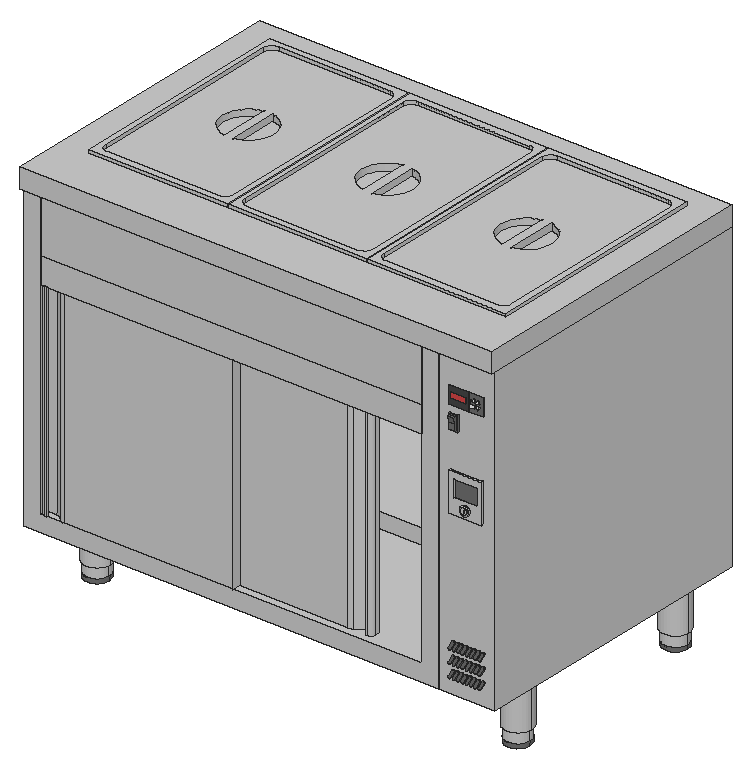
Revit family "QF_INOMAK_MDV711_250604124833", category Specialty Equipment, Revit 2021
Family settings
  Round Connector Dimension = Use Diameter
  Part Type = Normal
  OmniClass Number = 23.40.40.14
  OmniClass Title = Food Service Equipment
  Work Plane-Based = No
  Always vertical = Yes
  Cut with Voids When Loaded = No
  Shared = No
  Room Calculation Point = No
Parameters (values of type "MDV711")
  Weight [instance] = 49.0016 kg
  Waste Water Discharge Temperature [instance] = 0 °C
  Waste Remarks [instance] = ""
  Warranty Start Date [instance] = ""
  Warranty Duration [instance] = ""
  Volts [instance] = 230 V
  Volt Free Conn [instance] = no
  URL Recommended Spares List [instance] = ""
  URL Manufacturer [instance] = ""
  URL Cutsheet [instance] = ""
  URL Critical Spares List [instance] = ""
  URL = "www.inomak.com"
  Technical Documentation [instance] = ""
  Tag Number [instance] = ""
  Status [instance] = ""
  Start Up Current [instance] = 0 A
  Specification by User [instance] = ""
  Specification by Manufacturer [instance] = ""
  Sound Level [instance] = ""
  Show Logo [instance] = yes
  Show Clearances [instance] = yes
  Service Life Duration [instance] = ""
  Serial Number [instance] = ""
  Seismic Rating [instance] = ""
  SMACNA No [instance] = ""
  Revision Code [instance] = ""
  Revision [instance] = ""
  Production Year [instance] = ""
  Potential Equalisation [instance] = no
  Point Load [instance] = 0
  Plumbing Remarks [instance] = ""
  Plumbing Connection Type [instance] = ""
  Phase [instance] = 1
  Other Equipment Approvals [instance] = ""
  Operational Current [instance] = 0 A
  Odor Trap Included [instance] = no
  Number of Poles [instance] = 2
  No Load Power Draw [instance] = no
  National Water Regulation Certification [instance] = no
  NAFEM Spec ID Number [instance] = ""
  Model Warning [instance] = ""
  Model = "MDV711"
  Min Ckt Ampacity [instance] = 0 A
  Max Overcurrent Protection [instance] = 10 A
  Masterspec [instance] = ""
  Manufacturer = "INOMAK"
  Main switch integrated [instance] = no
  Length Actual [instance] = 1102.106 mm
  Item Number [instance] = ""
  Installed By [instance] = ""
  Installation Date [instance] = ""
  Indirect Waste Size [instance] = 25.4 mm
  Indirect Waste Remarks [instance] = ""
  Indirect Waste Flow [instance] = 0.0 L/s
  Indirect Waste Connection Type [instance] = ""
  Indirect Waste Connection Height [instance] = 0 mm
  Identify Quantity as Lot [instance] = no
  ID [instance] = ""
  Hygiene Approval [instance] = ""
  Height Actual [instance] = 899.922 mm
  HP power [instance] = ""
  Furnished By [instance] = ""
  Foodservice Equipment Identifier [instance] = no
  FL Amps [instance] = 8.7 A
  Electrical Remarks [instance] = ""
  Electric power [instance] = 2000 W
  Electric Connection Type [instance] = ""
  Elec Conn RI Height [instance] = 0 mm
  Elec Conn Connection Height [instance] = 0 mm
  ETL Approved [instance] = no
  Direct Waste Water Discharge Temperature [instance] = -273.15 °C
  Direct Waste Size [instance] = 25.4 mm
  Direct Waste RI Height [instance] = 0 mm
  Direct Waste Flow [instance] = 0.0 L/s
  Direct Waste Connection Height [instance] = 0 mm
  Description = "BAIN MARIE ON CUPBOARD WITH 2 GN PANS CAPACITY"
  Depth Actual [instance] = 700.024 mm
  Default Elevation = 0 mm
  Cycle [instance] = 50 Hz
  Cost = 0
  Connection to energy optimisation system [instance] = yes
  Conn Plug [instance] = ""
  Conn Conduit [instance] = no
  Cold Water Temperature Recommended [instance] = 0 °C
  Cold Water Size [instance] = 12.7 mm
  Cold Water Remarks [instance] = ""
  Cold Water RI Height [instance] = 0 mm
  Cold Water Quality [instance] = ""
  Cold Water Minimum Pressure [instance] = 200000.0 Pa
  Cold Water Maximum Pressure [instance] = 600000.0 Pa
  Cold Water Flow [instance] = 0.0 L/s
  Cold Water Connection Type [instance] = ""
  Cold Water Connection Height [instance] = 0 mm
  Centralized building control system with digital interface [instance] = ""
  CSI MasterFormat [instance] = ""
  CE Approved [instance] = no
  Barcode [instance] = 0
  Author [instance] = ""
  Asset Identifier [instance] = ""
  Apparent Power [instance] = 2000 VA
  Accessory [instance] = no
Reference planes
  plane 1 "Center (Front/Back)": y = 0
  plane 2: z = 0
  plane 3 "Center (Left/Right)": x = 0
Forms (mm)
  Extrusion 1, solid, not visible
    sketch origin (110.005, -510.025, 146.007) x (1, 0, 0) y (0, 1, 0)
      loop
        line (-2, 2) -> (-2, -2) -> (2, -2) -> (2, 2) -> (-2, 2)
    from -2 to 2
  Extrusion 2, solid, not visible
    sketch origin (110.005, -510.025, 146.007) x (1, 0, 0) y (0, 1, 0)
      loop
        line (-2, 2) -> (-2, -2) -> (2, -2) -> (2, 2) -> (-2, 2)
    from -2 to 2
  Extrusion 3, solid, not visible
    sketch origin (1055.051, -635.031, 146.007) x (1, 0, 0) y (0, 1, 0)
      loop
        line (-2, 2) -> (-2, -2) -> (2, -2) -> (2, 2) -> (-2, 2)
    from -2 to 2
Dimensions and locks
  locked: nested 2 to Extrusion 1 at 2  (x2)
  locked: nested 3 to Extrusion 2 at 2  (x2)
  locked: nested 4 to Extrusion 3 at 2  (x2)
  aligned and locked: level to plane 2
Nested families
  nested 1: "QF_INOMAK_CUPBOARD_BAIN_MARIES_1105_2920" at (0, 0, 144), type "MDV711"
    with Weight 49.0016 kg, Warranty Start Date "", Warranty Duration "", URL Cutsheet "", Technical Documentation "", Tag Number "", Status "", Specification by User "", Specification by Manufacturer "", Sound Level "", Solid Fuel Type "", Show Logo yes, Show Clearances yes, Service Life Duration "", Serial Number "", Seismic Rating "", SMACNA No "", Revision Code "", Revision "", Production Year "", Point Load 0, Other Equipment Approvals "", NAFEM Spec ID Number "", Model Warning "", Masterspec "", Length Actual 1102.106 mm, Item Number "", Installed By "", Installation Date "", Identify Quantity as Lot yes, ID "", Hygiene Approval "", Height Actual 899.922 mm, Furnished By "", Foodservice Equipment Identifier yes, ETL Approved yes, Depth Actual 700.024 mm, CSI MasterFormat "", CE Approved yes, Barcode "", Author "", Asset Identifier "", Accessory no
  nested 2: "CONN_POINT_COLDWATER_2D___Generic_Annotation" at (110.005, -510.025, 144.007), type "CONN_POINT_COLDWATER_2D___Generic_Annotation"
    with Onboard connection annotation symbol visibility yes
  nested 3: "CONN_POINT_DRAIN_2D___Generic_Annotation" at (110.005, -510.025, 144.007), type "CONN_POINT_DRAIN_2D___Generic_Annotation"
    with Onboard connection annotation symbol visibility yes
  nested 4: "CONN_POINT_ELE_2D___Generic_Annotation" at (1055.051, -635.031, 144.007), type "CONN_POINT_ELE_2D___Generic_Annotation"
    with Onboard connection annotation symbol visibility yes
  nested 5: "QF_INOMAK_LEGS_4995" at (0, 0, 0), type "LG-1105-700"
    with Weight 0.00 kg, Warranty Start Date "", Warranty Duration "", URL Cutsheet "", Technical Documentation "", Tag Number "", Status "", Specification by User "", Specification by Manufacturer "", Sound Level "", Solid Fuel Type "", Show Logo yes, Show Clearances yes, Service Life Duration "", Serial Number "", Seismic Rating "", SMACNA No "", Revision Code "", Revision "", Production Year "", Point Load 0, Other Equipment Approvals "", NAFEM Spec ID Number "", Model Warning "", Masterspec "", Length Actual 1102.868 mm, Item Number "", Installed By "", Installation Date "", Identify Quantity as Lot yes, ID "", Hygiene Approval "", Height Actual 144.018 mm, Furnished By "", Foodservice Equipment Identifier yes, ETL Approved yes, Depth Actual 700.024 mm, CSI MasterFormat "", CE Approved yes, Barcode "", Author "", Asset Identifier "", Accessory yes
Connectors
  piping at (110.005, -510.025, 144.007), diameter 12.7, driven by "Cold Water Size", driven by "Cold Water Flow"
    settings: on Extrusion 1, index 1, connector inside diameter 609.6 mm, connector length 0 mm, flow factor 0, pipe flow 0.0 L/s, pressure drop 0.0 Pa, fitting loss kfactor 0, connector angle 0.00°, fixture units 0, engagement length 0 mm, angle of deflection 0.00°, flow configuration 1, flow direction 1, fitting loss method 0, system type 20, joint type 0, gender type 0, connector reference index -1, connector utility 0, adjustable connector no, is connector primary yes, connector description "Cold Water connection for MDV711"
  piping at (110.005, -510.025, 144.007), diameter 25.4, driven by "Indirect Waste Size", driven by "Direct Waste Flow"
    settings: on Extrusion 2, index 2, connector inside diameter 609.6 mm, connector length 0 mm, flow factor 0, pipe flow 0.0 L/s, pressure drop 0.0 Pa, fitting loss kfactor 0, connector angle 0.00°, fixture units 0, engagement length 0 mm, angle of deflection 0.00°, flow configuration 1, flow direction 2, fitting loss method 0, system type 16, joint type 0, gender type 0, connector reference index -1, connector utility 0, adjustable connector no, is connector primary no, connector description "Waste connection for MDV711"
  electrical at (1055.051, -635.031, 144.007), driven by "Apparent Power", driven by "Number of Poles", driven by "Volts"
    settings: on Extrusion 3, index 3, voltage 230 V, apparent load 0 VA, apparent load phase1 2000 VA, apparent load phase2 0 VA, apparent load phase3 0 VA, power factor 1, load classification "Other", number of poles 2, system type 31, power factor state 1, is connector primary yes, connector utility no, sub classification motor no, connector description "Electrical connection for MDV711"
Definition of nested family "QF_INOMAK_CUPBOARD_BAIN_MARIES_1105_2920"
  Parameters (values of type "MFV711")
    Weight [instance] = 0.00 kg
    Warranty Start Date [instance] = ""
    Warranty Duration [instance] = ""
    URL Cutsheet [instance] = ""
    URL = "www.inomak.com"
    Technical Documentation [instance] = ""
    Tag Number [instance] = ""
    Status [instance] = ""
    Specification by User [instance] = ""
    Specification by Manufacturer [instance] = ""
    Sound Level [instance] = ""
    Solid Fuel Type [instance] = ""
    Show Logo [instance] = yes
    Show Clearances [instance] = yes
    Service Life Duration [instance] = ""
    Serial Number [instance] = ""
    Seismic Rating [instance] = ""
    SMACNA No [instance] = ""
    Revision Code [instance] = ""
    Revision [instance] = ""
    Production Year [instance] = ""
    Point Load [instance] = 0
    Other Equipment Approvals [instance] = ""
    NAFEM Spec ID Number [instance] = ""
    Model Warning [instance] = ""
    Model = "MFV711"
    Masterspec [instance] = ""
    Manufacturer = "INOMAK"
    Length Actual [instance] = 0 mm
    Item Number [instance] = ""
    Installed By [instance] = ""
    Installation Date [instance] = ""
    Identify Quantity as Lot [instance] = yes
    ID [instance] = ""
    Hygiene Approval [instance] = ""
    Height Actual [instance] = 0 mm
    Furnished By [instance] = ""
    Foodservice Equipment Identifier [instance] = yes
    ETL Approved [instance] = yes
    Description = "BAIN MARIE ON CUPBOARD WITH 2 GN PANS CAPACITY AND SHOWCASE"
    Depth Actual [instance] = 0 mm
    Default Elevation = 0 mm
    CSI MasterFormat [instance] = ""
    CE Approved [instance] = yes
    Barcode [instance] = ""
    Author [instance] = ""
    Asset Identifier [instance] = ""
    Assembly Code = "E1090320"
    Accessory [instance] = yes
  Types (10, lengths in mm): name | Model | Description
    MFV711 | "MFV711" | "BAIN MARIE ON CUPBOARD WITH 2 GN PANS CAPACITY AND SHOWCASE"
    MVV711 | "MVV711" | "BAIN MARIE ON CUPBOARD WITH 2 GN PANS CAPACITY AND SINGLE SNEEZE GUARD"
    MFSQ711 | "MFSQ711" | "BAIN MARIE ON CUPBOARD WITH 2 GN PANS CAPACITY AND SQUARE SHOWCASE"
    MHV711 | "MHV711" | "BAIN MARIE ON HEATED CUPBOARD WITH 2 GN PANS CAPACITY"
    MDV711 | "MDV711" | "BAIN MARIE ON CUPBOARD WITH 2 GN PANS CAPACITY"
    MRV711 | "MRV711" | "BAIN MARIE ON CUPBOARD WITH 2 GN PANS CAPACITY AND DOUBLE SNEEZE GUARD"
    MIV711 | "MIV711" | "BAIN MARIE ON HEATED CUPBOARD WITH 2 GN PANS CAPACITY AND SHOWCASE"
    MJV711 | "MJV711" | "BAIN MARIE ON HEATED CUPBOARD WITH 2 GN PANS CAPACITY AND SINGLE SNEEZE GUARD"
    MQV711 | "MQV711" | "BAIN MARIE ON HEATED CUPBOARD WITH 2 GN PANS CAPACITY AND DOUBLE SNEEZE GUARD"
    MISQ711 | "MISQ711" | "BAIN MARIE ON HEATED CUPBOARD WITH 2 GN PANS CAPACITY AND SQUARE SHOWCASE"
  Reference planes
    plane 1 "Back": y = 0
    plane 2: z = 0
    plane 3 "Left": x = 0
    plane 4 "Right": x = 1102
    plane 5 "Front": y = -700
    plane 6 "Top": z = 756
  Forms (mm)
    Extrusion 1, solid
      sketch origin (479.783, -707, -123.631) x (-1, 0, 0) y (0, 0, 1)
        loop
          arc (-522.253, 235.165) -> (-526.351, 236.263) -> (-527.449, 232.165) r 3
          line (-527.449, 232.165) -> (-518.449, 216.577)
          arc (-518.449, 216.577) -> (-514.351, 215.479) -> (-513.253, 219.577) r 3
          line (-513.253, 219.577) -> (-522.253, 235.165)
        loop
          arc (-532.253, 235.165) -> (-536.351, 236.263) -> (-537.449, 232.165) r 3
          line (-537.449, 232.165) -> (-528.449, 216.577)
          arc (-528.449, 216.577) -> (-524.351, 215.479) -> (-523.253, 219.577) r 3
          line (-523.253, 219.577) -> (-532.253, 235.165)
        loop
          arc (-542.253, 235.165) -> (-546.351, 236.263) -> (-547.449, 232.165) r 3
          line (-547.449, 232.165) -> (-538.449, 216.577)
          arc (-538.449, 216.577) -> (-534.351, 215.479) -> (-533.253, 219.577) r 3
          line (-533.253, 219.577) -> (-542.253, 235.165)
        loop
          arc (-552.253, 235.165) -> (-556.351, 236.263) -> (-557.449, 232.165) r 3
          line (-557.449, 232.165) -> (-548.449, 216.577)
          arc (-548.449, 216.577) -> (-544.351, 215.479) -> (-543.253, 219.577) r 3
          line (-543.253, 219.577) -> (-552.253, 235.165)
        loop
          arc (-562.253, 235.165) -> (-566.351, 236.263) -> (-567.449, 232.165) r 3
          line (-567.449, 232.165) -> (-558.449, 216.577)
          arc (-558.449, 216.577) -> (-554.351, 215.479) -> (-553.253, 219.577) r 3
          line (-553.253, 219.577) -> (-562.253, 235.165)
        loop
          arc (-572.253, 235.165) -> (-576.351, 236.263) -> (-577.449, 232.165) r 3
          line (-577.449, 232.165) -> (-568.449, 216.577)
          arc (-568.449, 216.577) -> (-564.351, 215.479) -> (-563.253, 219.577) r 3
          line (-563.253, 219.577) -> (-572.253, 235.165)
        loop
          arc (-582.253, 235.165) -> (-586.351, 236.263) -> (-587.449, 232.165) r 3
          line (-587.449, 232.165) -> (-578.449, 216.577)
          arc (-578.449, 216.577) -> (-574.351, 215.479) -> (-573.253, 219.577) r 3
          line (-573.253, 219.577) -> (-582.253, 235.165)
        loop
          arc (-592.253, 235.165) -> (-596.351, 236.263) -> (-597.449, 232.165) r 3
          line (-597.449, 232.165) -> (-588.449, 216.577)
          arc (-588.449, 216.577) -> (-584.351, 215.479) -> (-583.253, 219.577) r 3
          line (-583.253, 219.577) -> (-592.253, 235.165)
        loop
          arc (-522.253, 205.165) -> (-526.351, 206.263) -> (-527.449, 202.165) r 3
          line (-527.449, 202.165) -> (-518.449, 186.577)
          arc (-518.449, 186.577) -> (-514.351, 185.479) -> (-513.253, 189.577) r 3
          line (-513.253, 189.577) -> (-522.253, 205.165)
        loop
          arc (-532.253, 205.165) -> (-536.351, 206.263) -> (-537.449, 202.165) r 3
          line (-537.449, 202.165) -> (-528.449, 186.577)
          arc (-528.449, 186.577) -> (-524.351, 185.479) -> (-523.253, 189.577) r 3
          line (-523.253, 189.577) -> (-532.253, 205.165)
        loop
          arc (-542.253, 205.165) -> (-546.351, 206.263) -> (-547.449, 202.165) r 3
          line (-547.449, 202.165) -> (-538.449, 186.577)
          arc (-538.449, 186.577) -> (-534.351, 185.479) -> (-533.253, 189.577) r 3
          line (-533.253, 189.577) -> (-542.253, 205.165)
        loop
          arc (-552.253, 205.165) -> (-556.351, 206.263) -> (-557.449, 202.165) r 3
          line (-557.449, 202.165) -> (-548.449, 186.577)
          arc (-548.449, 186.577) -> (-544.351, 185.479) -> (-543.253, 189.577) r 3
          line (-543.253, 189.577) -> (-552.253, 205.165)
        loop
          arc (-562.253, 205.165) -> (-566.351, 206.263) -> (-567.449, 202.165) r 3
          line (-567.449, 202.165) -> (-558.449, 186.577)
          arc (-558.449, 186.577) -> (-554.351, 185.479) -> (-553.253, 189.577) r 3
          line (-553.253, 189.577) -> (-562.253, 205.165)
        loop
          arc (-572.253, 205.165) -> (-576.351, 206.263) -> (-577.449, 202.165) r 3
          line (-577.449, 202.165) -> (-568.449, 186.577)
          arc (-568.449, 186.577) -> (-564.351, 185.479) -> (-563.253, 189.577) r 3
          line (-563.253, 189.577) -> (-572.253, 205.165)
        loop
          arc (-582.253, 205.165) -> (-586.351, 206.263) -> (-587.449, 202.165) r 3
          line (-587.449, 202.165) -> (-578.449, 186.577)
          arc (-578.449, 186.577) -> (-574.351, 185.479) -> (-573.253, 189.577) r 3
          line (-573.253, 189.577) -> (-582.253, 205.165)
        loop
          arc (-592.253, 205.165) -> (-596.351, 206.263) -> (-597.449, 202.165) r 3
          line (-597.449, 202.165) -> (-588.449, 186.577)
          arc (-588.449, 186.577) -> (-584.351, 185.479) -> (-583.253, 189.577) r 3
          line (-583.253, 189.577) -> (-592.253, 205.165)
        loop
          arc (-522.253, 175.165) -> (-526.351, 176.263) -> (-527.449, 172.165) r 3
          line (-527.449, 172.165) -> (-518.449, 156.577)
          arc (-518.449, 156.577) -> (-514.351, 155.479) -> (-513.253, 159.577) r 3
          line (-513.253, 159.577) -> (-522.253, 175.165)
        loop
          arc (-532.253, 175.165) -> (-536.351, 176.263) -> (-537.449, 172.165) r 3
          line (-537.449, 172.165) -> (-528.449, 156.577)
          arc (-528.449, 156.577) -> (-524.351, 155.479) -> (-523.253, 159.577) r 3
          line (-523.253, 159.577) -> (-532.253, 175.165)
        loop
          arc (-542.253, 175.165) -> (-546.351, 176.263) -> (-547.449, 172.165) r 3
          line (-547.449, 172.165) -> (-538.449, 156.577)
          arc (-538.449, 156.577) -> (-534.351, 155.479) -> (-533.253, 159.577) r 3
          line (-533.253, 159.577) -> (-542.253, 175.165)
        loop
          arc (-552.253, 175.165) -> (-556.351, 176.263) -> (-557.449, 172.165) r 3
          line (-557.449, 172.165) -> (-548.449, 156.577)
          arc (-548.449, 156.577) -> (-544.351, 155.479) -> (-543.253, 159.577) r 3
          line (-543.253, 159.577) -> (-552.253, 175.165)
        loop
          arc (-562.253, 175.165) -> (-566.351, 176.263) -> (-567.449, 172.165) r 3
          line (-567.449, 172.165) -> (-558.449, 156.577)
          arc (-558.449, 156.577) -> (-554.351, 155.479) -> (-553.253, 159.577) r 3
          line (-553.253, 159.577) -> (-562.253, 175.165)
        loop
          arc (-572.253, 175.165) -> (-576.351, 176.263) -> (-577.449, 172.165) r 3
          line (-577.449, 172.165) -> (-568.449, 156.577)
          arc (-568.449, 156.577) -> (-564.351, 155.479) -> (-563.253, 159.577) r 3
          line (-563.253, 159.577) -> (-572.253, 175.165)
        loop
          arc (-582.253, 175.165) -> (-586.351, 176.263) -> (-587.449, 172.165) r 3
          line (-587.449, 172.165) -> (-578.449, 156.577)
          arc (-578.449, 156.577) -> (-574.351, 155.479) -> (-573.253, 159.577) r 3
          line (-573.253, 159.577) -> (-582.253, 175.165)
        loop
          arc (-592.253, 175.165) -> (-596.351, 176.263) -> (-597.449, 172.165) r 3
          line (-597.449, 172.165) -> (-588.449, 156.577)
          arc (-588.449, 156.577) -> (-584.351, 155.479) -> (-583.253, 159.577) r 3
          line (-583.253, 159.577) -> (-592.253, 175.165)
      from 16.5 to 18.5
    Extrusion 2, solid
      sketch origin (787.766, -692, 538.514) x (-1, 0, 0) y (0, 0, 1)
        loop
          line (-208.234, 108.408) -> (-253.234, 108.408) -> (-253.234, 68.408) -> (-208.234, 68.408) -> (-208.234, 108.408)
      from 0 to 2
    Extrusion 3, solid
      sketch origin (66, -693, 539.422) x (-1, 0, 0) y (0, 0, 1)
        loop
          line (-950, 15) -> (-930, 15) -> (-930, 50) -> (-950, 50) -> (-950, 15)
      from 0 to 3
    Extrusion 4, solid
      sketch origin (94, -568, 539.422) x (0, 1, 0) y (0, 0, 1)
        loop
          line (-125, 18) -> (-125, 47)
          arc (-125, 47) -> (-127.961, 46.812) -> (-130.754, 45.81) r 10.576
          line (-130.754, 45.81) -> (-128, 32.5) -> (-128, 18) -> (-125, 18)
      from 905 to 919
    Extrusion 5, solid
      sketch origin (832.766, -692, 538.514) x (-1, 0, 0) y (0, 0, 1)
        loop
          line (-208.234, 108.408) -> (-243.234, 108.408) -> (-243.234, 68.408) -> (-208.234, 68.408) -> (-208.234, 108.408)
      from 0 to 2
    Extrusion 6, solid
      sketch origin (787.766, -692.5, 538.514) x (-1, 0, 0) y (0, 0, 1)
        loop
          line (-213.234, 94.908) -> (-248.234, 94.908) -> (-248.234, 81.908) -> (-213.234, 81.908) -> (-213.234, 94.908)
      from 0 to 2.5
    Extrusion 7, solid
      sketch origin (787.766, -692.5, 538.514) x (-1, 0, 0) y (0, 0, 1)
        loop
          line (-271.558, 91.171) -> (-275.802, 98.522) -> (-280.047, 91.171) -> (-271.558, 91.171)
        loop
          line (-271.558, 85.645) -> (-280.047, 85.645) -> (-275.802, 78.294) -> (-271.558, 85.645)
        loop
          line (-257.397, 85.645) -> (-267.397, 85.645) -> (-267.397, 78.294) -> (-257.397, 78.294) -> (-257.397, 85.645)
        loop
          line (-265.397, 98.522) -> (-267.397, 98.522) -> (-267.397, 92.322) -> (-259.549, 92.322) -> (-259.549, 91.171) -> (-257.397, 93.322) -> (-259.549, 95.474) -> (-259.549, 94.322) -> (-265.397, 94.322) -> (-265.397, 98.522)
      from 0 to 2.5
    Extrusion 8, solid
      sketch origin (8.5, 0, 492) x (1, 0, 0) y (0, 1, 0)
        loop
          line (55, -50) -> (55, -580) -> (380, -580) -> (380, -50) -> (55, -50)
        loop
          arc (87.5, -65) -> (73.358, -70.858) -> (67.5, -85) r 20
          line (67.5, -85) -> (67.5, -545.415)
          arc (67.5, -545.415) -> (73.358, -559.557) -> (87.5, -565.415) r 20
          line (87.5, -565.415) -> (347.5, -565.415)
          arc (347.5, -565.415) -> (361.642, -559.557) -> (367.5, -545.415) r 20
          line (367.5, -545.415) -> (367.5, -85)
          arc (367.5, -85) -> (361.642, -70.858) -> (347.5, -65) r 20
          line (347.5, -65) -> (87.5, -65)
      from 218 to 270
    Extrusion 9, solid
      sketch origin (8.5, 0, 485) x (1, 0, 0) y (0, 1, 0)
        loop
          arc (67.5, -545.415) -> (73.358, -559.557) -> (87.5, -565.415) r 20
          line (87.5, -565.415) -> (347.5, -565.415)
          arc (347.5, -565.415) -> (361.642, -559.557) -> (367.5, -545.415) r 20
          line (367.5, -545.415) -> (367.5, -85)
          arc (367.5, -85) -> (361.642, -70.858) -> (347.5, -65) r 20
          line (347.5, -65) -> (87.5, -65)
          arc (87.5, -65) -> (73.358, -70.858) -> (67.5, -85) r 20
          line (67.5, -85) -> (67.5, -545.415)
      from 225 to 270
    Extrusion 10, void
      sketch origin (8.5, 0, 500) x (1, 0, 0) y (0, 1, 0)
        loop
          arc (207.5, -256.046) -> (157.5, -315.207) -> (207.5, -374.368) r 60
          line (207.5, -374.368) -> (207.5, -256.046)
        loop
          line (227.5, -256.046) -> (227.5, -374.368)
          arc (227.5, -374.368) -> (277.5, -315.207) -> (227.5, -256.046) r 60
      from 240 to 270
    Extrusion 11, solid
      sketch origin (333.5, 0, 492) x (1, 0, 0) y (0, 1, 0)
        loop
          line (55, -50) -> (55, -580) -> (380, -580) -> (380, -50) -> (55, -50)
        loop
          arc (87.5, -65) -> (73.358, -70.858) -> (67.5, -85) r 20
          line (67.5, -85) -> (67.5, -545.415)
          arc (67.5, -545.415) -> (73.358, -559.557) -> (87.5, -565.415) r 20
          line (87.5, -565.415) -> (347.5, -565.415)
          arc (347.5, -565.415) -> (361.642, -559.557) -> (367.5, -545.415) r 20
          line (367.5, -545.415) -> (367.5, -85)
          arc (367.5, -85) -> (361.642, -70.858) -> (347.5, -65) r 20
          line (347.5, -65) -> (87.5, -65)
      from 218 to 270
    Extrusion 12, solid
      sketch origin (333.5, 0, 485) x (1, 0, 0) y (0, 1, 0)
        loop
          arc (67.5, -545.415) -> (73.358, -559.557) -> (87.5, -565.415) r 20
          line (87.5, -565.415) -> (347.5, -565.415)
          arc (347.5, -565.415) -> (361.642, -559.557) -> (367.5, -545.415) r 20
          line (367.5, -545.415) -> (367.5, -85)
          arc (367.5, -85) -> (361.642, -70.858) -> (347.5, -65) r 20
          line (347.5, -65) -> (87.5, -65)
          arc (87.5, -65) -> (73.358, -70.858) -> (67.5, -85) r 20
          line (67.5, -85) -> (67.5, -545.415)
      from 225 to 270
    Extrusion 13, void
      sketch origin (333.5, 0, 500) x (1, 0, 0) y (0, 1, 0)
        loop
          arc (207.5, -256.046) -> (157.5, -315.207) -> (207.5, -374.368) r 60
          line (207.5, -374.368) -> (207.5, -256.046)
        loop
          line (227.5, -256.046) -> (227.5, -374.368)
          arc (227.5, -374.368) -> (277.5, -315.207) -> (227.5, -256.046) r 60
      from 240 to 270
    Extrusion 14, solid
      sketch origin (658.5, 0, 492) x (1, 0, 0) y (0, 1, 0)
        loop
          line (55, -50) -> (55, -580) -> (380, -580) -> (380, -50) -> (55, -50)
        loop
          arc (87.5, -65) -> (73.358, -70.858) -> (67.5, -85) r 20
          line (67.5, -85) -> (67.5, -545.415)
          arc (67.5, -545.415) -> (73.358, -559.557) -> (87.5, -565.415) r 20
          line (87.5, -565.415) -> (347.5, -565.415)
          arc (347.5, -565.415) -> (361.642, -559.557) -> (367.5, -545.415) r 20
          line (367.5, -545.415) -> (367.5, -85)
          arc (367.5, -85) -> (361.642, -70.858) -> (347.5, -65) r 20
          line (347.5, -65) -> (87.5, -65)
      from 218 to 270
    Extrusion 15, solid
      sketch origin (658.5, 0, 485) x (1, 0, 0) y (0, 1, 0)
        loop
          arc (67.5, -545.415) -> (73.358, -559.557) -> (87.5, -565.415) r 20
          line (87.5, -565.415) -> (347.5, -565.415)
          arc (347.5, -565.415) -> (361.642, -559.557) -> (367.5, -545.415) r 20
          line (367.5, -545.415) -> (367.5, -85)
          arc (367.5, -85) -> (361.642, -70.858) -> (347.5, -65) r 20
          line (347.5, -65) -> (87.5, -65)
          arc (87.5, -65) -> (73.358, -70.858) -> (67.5, -85) r 20
          line (67.5, -85) -> (67.5, -545.415)
      from 225 to 270
    Extrusion 16, void
      sketch origin (658.5, 0, 500) x (1, 0, 0) y (0, 1, 0)
        loop
          arc (207.5, -256.046) -> (157.5, -315.207) -> (207.5, -374.368) r 60
          line (207.5, -374.368) -> (207.5, -256.046)
        loop
          line (227.5, -256.046) -> (227.5, -374.368)
          arc (227.5, -374.368) -> (277.5, -315.207) -> (227.5, -256.046) r 60
      from 240 to 270
    Extrusion 17, solid
      sketch origin (0, 0, 710) x (1, 0, 0) y (0, 1, 0)
        loop
          line (0, 0) -> (0, -700) -> (1102, -700) -> (1102, 0) -> (0, 0)
        loop
          line (63.5, -50) -> (63.5, -580) -> (1038.5, -580) -> (1038.5, -50) -> (63.5, -50)
      from 0 to 46
    Extrusion 18, solid
      sketch origin (0, 0, 0) x (1, 0, 0) y (0, 1, 0)
        loop
          line (0, -690) -> (40, -690) -> (40, -40) -> (930, -40) -> (930, -690) -> (970, -690) -> (970, 0) -> (0, 0) -> (0, -690)
      from 0 to 710
    Extrusion 19, solid
      sketch origin (-1.5, 0, 0) x (1, 0, 0) y (0, 1, 0)
        loop
          line (971.5, 0) -> (971.5, -690) -> (1103.5, -690) -> (1103.5, 0) -> (971.5, 0)
      from 0 to 710
    Extrusion 20, solid
      sketch origin (-130, -690, 0) x (-1, 0, 0) y (0, 1, 0)
        loop
          line (-170, 10) -> (-170, 20) -> (-620, 20) -> (-620, 0) -> (-226.156, 0)
          arc (-226.156, 0) -> (-220.272, 0.885) -> (-214.91, 3.461) r 20
          line (-214.91, 3.461) -> (-195, 17) -> (-173, 17) -> (-173, 10)
          arc (-173, 10) -> (-175.05, 5.05) -> (-180, 3) r 7
          line (-180, 3) -> (-185.012, 3) -> (-185.012, 0) -> (-180, 0)
          arc (-180, 0) -> (-172.929, 2.929) -> (-170, 10) r 10
      from -40 to -520
    Extrusion 21, solid
      sketch origin (-131.5, -690, 0) x (-1, 0, 0) y (0, 1, 0)
        loop
          arc (-930, 30) -> (-927.071, 22.929) -> (-920, 20) r 10
          line (-920, 20) -> (-914.988, 20) -> (-914.988, 23) -> (-920, 23)
          arc (-920, 23) -> (-924.95, 25.05) -> (-927, 30) r 7
          line (-927, 30) -> (-927, 37) -> (-905, 37) -> (-885.09, 23.461)
          arc (-885.09, 23.461) -> (-879.728, 20.885) -> (-873.844, 20) r 20
          line (-873.844, 20) -> (-480, 20) -> (-480, 40) -> (-930, 40) -> (-930, 30)
      from -40 to -520
    Extrusion 22, solid
      sketch origin (0, 0, 0) x (1, 0, 0) y (0, 1, 0)
        loop
          line (40, -40) -> (40, -690) -> (930, -690) -> (930, -40) -> (40, -40)
      from 0 to 40
    Extrusion 23, solid
      sketch origin (0.5, 0, 672.314) x (1, 0, 0) y (0, 1, 0)
        loop
          line (39.5, -40) -> (39.5, -690) -> (929.5, -690) -> (929.5, -40) -> (39.5, -40)
      from -92.314 to 37.686
    Extrusion 24, solid
      sketch origin (0, 0, 610.314) x (1, 0, 0) y (0, 1, 0)
        loop
          line (40, -40) -> (40, -690) -> (930, -690) -> (930, -40) -> (40, -40)
      from -90.314 to -30.314
    Extrusion 25, solid
      sketch origin (-1.5, 0, 255) x (1, 0, 0) y (0, 1, 0)
        loop
          line (41.5, -40) -> (41.5, -645) -> (931.5, -645) -> (931.5, -40) -> (41.5, -40)
      from 0 to 35
    Extrusion 26, solid
      sketch origin (5.502, -695, 50) x (-1, 0, 0) y (0, 0, 1)
        loop
          line (-992.998, 421.076) -> (-1067.998, 421.076) -> (-1067.998, 331.076) -> (-992.998, 331.076) -> (-992.998, 421.076)
        loop
          line (-1003.957, 406.276) -> (-1058.957, 406.276) -> (-1058.957, 366.276) -> (-1003.957, 366.276) -> (-1003.957, 406.276)
      from 0 to 5
    Extrusion 27, solid
      sketch origin (5.502, -692, 50) x (-1, 0, 0) y (0, 0, 1)
        loop
          line (-1003.957, 406.276) -> (-1058.957, 406.276) -> (-1058.957, 366.276) -> (-1003.957, 366.276) -> (-1003.957, 406.276)
      from 0 to 2
    Revolve 28, solid
      sketch origin (1036, 59.612, -3292.415) x (0, 1, 0) y (0, 0, 1)
        loop
          line (-757.012, 3691.152) -> (-754.612, 3691.152) -> (-754.612, 3701.789) -> (-757.662, 3701.789) -> (-759.012, 3699.998) -> (-757.012, 3699.998) -> (-757.012, 3691.152)
        axis (-754.612, 3691.152) -> (-759.012, 3691.152)
      angle from 0 to 360
    Extrusion 29, solid
      sketch origin (-1055.627, -695, 2689.585) x (-1, 0, 0) y (0, 0, 1)
        loop
          line (-2090.827, -2287.348) -> (-2092.827, -2287.348) -> (-2092.827, -2294.348) -> (-2090.827, -2294.348) -> (-2090.827, -2287.348)
        loop
          circle (-2091.627, -2290.848) r 7.846
      from -4.4 to -2.4
  Cuts and joins
    Extrusion 10, Extrusion 13 cuts Extrusion 9
    Extrusion 13, Extrusion 16 cuts Extrusion 12
    Extrusion 16 cuts Extrusion 15
    joined: Extrusion 18, Extrusion 22
  Lines and regions (mm)
    symbolic lines
      curve 1: line (0, 0, 0) -> (1102, 0, 0)
      curve 2: line (0, -700, 0) -> (0, 0, 0)
      curve 3: line (1102, -700, 0) -> (0, -700, 0)
      curve 4: line (1102, 0, 0) -> (1102, -700, 0)
      curve 5: line (63.5, -50, 0) -> (1038.5, -50, 0)
      curve 6: line (63.5, -580, 0) -> (63.5, -50, 0)
      curve 7: line (1038.5, -580, 0) -> (63.5, -580, 0)
      curve 8: line (713.5, -50, 0) -> (713.5, -580, 0)
      curve 9: line (388.5, -50, 0) -> (388.5, -580, 0)
      curve 10: line (1038.5, -50, 0) -> (1038.5, -580, 0)
      curve 11: line (96, -65, 0) -> (356, -65, 0)
      curve 12: arc (76, -85, 0) -> (81.858, -70.858, 0) -> (96, -65, 0) r 20
      curve 13: line (76, -545.415, 0) -> (76, -85, 0)
      curve 14: arc (96, -565.415, 0) -> (81.858, -559.557, 0) -> (76, -545.415, 0) r 20
      curve 15: line (356, -565.415, 0) -> (96, -565.415, 0)
      curve 16: arc (376, -545.415, 0) -> (370.142, -559.557, 0) -> (356, -565.415, 0) r 20
      curve 17: line (376, -85, 0) -> (376, -545.415, 0)
      curve 18: arc (356, -65, 0) -> (370.142, -70.858, 0) -> (376, -85, 0) r 20
      curve 19: arc (216, -256.046, 0) -> (166, -315.207, 0) -> (216, -374.368, 0) r 60
      curve 20: line (216, -374.368, 0) -> (216, -256.046, 0)
      curve 21: line (236, -256.046, 0) -> (236, -374.368, 0)
      curve 22: arc (236, -374.368, 0) -> (286, -315.207, 0) -> (236, -256.046, 0) r 60
      curve 23: arc (401, -85, 0) -> (406.858, -70.858, 0) -> (421, -65, 0) r 20
      curve 24: line (421, -65, 0) -> (681, -65, 0)
      curve 25: arc (681, -65, 0) -> (695.142, -70.858, 0) -> (701, -85, 0) r 20
      curve 26: line (701, -85, 0) -> (701, -545.415, 0)
      curve 27: arc (701, -545.415, 0) -> (695.142, -559.557, 0) -> (681, -565.415, 0) r 20
      curve 28: line (681, -565.415, 0) -> (421, -565.415, 0)
      curve 29: arc (421, -565.415, 0) -> (406.858, -559.557, 0) -> (401, -545.415, 0) r 20
      curve 30: line (401, -545.415, 0) -> (401, -85, 0)
      curve 31: arc (541, -256.046, 0) -> (491, -315.207, 0) -> (541, -374.368, 0) r 60
      curve 32: line (541, -374.368, 0) -> (541, -256.046, 0)
      curve 33: line (561, -256.046, 0) -> (561, -374.368, 0)
      curve 34: arc (561, -374.368, 0) -> (611, -315.207, 0) -> (561, -256.046, 0) r 60
      curve 35: line (746, -65, 0) -> (1006, -65, 0)
      curve 36: arc (1006, -65, 0) -> (1020.142, -70.858, 0) -> (1026, -85, 0) r 20
      curve 37: line (1026, -85, 0) -> (1026, -545.415, 0)
      curve 38: arc (1026, -545.415, 0) -> (1020.142, -559.557, 0) -> (1006, -565.415, 0) r 20
      curve 39: line (1006, -565.415, 0) -> (746, -565.415, 0)
      curve 40: arc (746, -565.415, 0) -> (731.858, -559.557, 0) -> (726, -545.415, 0) r 20
      curve 41: line (726, -545.415, 0) -> (726, -85, 0)
      curve 42: arc (726, -85, 0) -> (731.858, -70.858, 0) -> (746, -65, 0) r 20
      curve 43: arc (866, -256.046, 0) -> (816, -315.207, 0) -> (866, -374.368, 0) r 60
      curve 44: line (866, -374.368, 0) -> (866, -256.046, 0)
      curve 45: line (886, -256.046, 0) -> (886, -374.368, 0)
      curve 46: arc (886, -374.368, 0) -> (936, -315.207, 0) -> (886, -256.046, 0) r 60
  Dimensions and locks
    plane 3 "Left" to plane 4 "Right" = 1102 mm
    plane 5 "Front" to plane 1 "Back" = 700 mm
    plane 6 "Top" to plane 2 = 756 mm
    aligned and locked: level to plane 2
Definition of nested family "QF_INOMAK_LEGS_4995"
  Parameters (values of type "LG-1545-700-BC")
    Weight [instance] = 0.00 kg
    Warranty Start Date [instance] = ""
    Warranty Duration [instance] = ""
    URL Cutsheet [instance] = ""
    URL = "www.inomak.com"
    Technical Documentation [instance] = ""
    Tag Number [instance] = ""
    Status [instance] = ""
    Specification by User [instance] = ""
    Specification by Manufacturer [instance] = ""
    Sound Level [instance] = ""
    Solid Fuel Type [instance] = ""
    Show Logo [instance] = yes
    Show Clearances [instance] = yes
    Service Life Duration [instance] = ""
    Serial Number [instance] = ""
    Seismic Rating [instance] = ""
    SMACNA No [instance] = ""
    Right offset = 300 mm
    Revision Code [instance] = ""
    Revision [instance] = ""
    Rear offset = 90 mm
    Production Year [instance] = ""
    Point Load [instance] = 0
    Other Equipment Approvals [instance] = ""
    NAFEM Spec ID Number [instance] = ""
    Model Warning [instance] = ""
    Model = "LG"
    Masterspec [instance] = ""
    Manufacturer = "INOMAK"
    Length Actual [instance] = 0 mm
    Length = 1546 mm
    Left offset = 100 mm
    Item Number [instance] = ""
    Installed By [instance] = ""
    Installation Date [instance] = ""
    Identify Quantity as Lot [instance] = yes
    ID [instance] = ""
    Hygiene Approval [instance] = ""
    Height Actual [instance] = 0 mm
    Height = 115 mm
    Furnished By [instance] = ""
    Front offset = 150 mm
    Foodservice Equipment Identifier [instance] = yes
    ETL Approved [instance] = yes
    Description = "STANDARD LEGS"
    Depth Actual [instance] = 0 mm
    Depth = 700 mm
    Default Elevation = 0 mm
    CentralLegs = if(Length > 1900 mm, 2 > 1, 2 < 1)  # no
    CSI MasterFormat [instance] = ""
    CE Approved [instance] = yes
    Barcode [instance] = ""
    Author [instance] = ""
    Asset Identifier [instance] = ""
    Assembly Code = "E1090320"
    Accessory [instance] = yes
  Types (14, lengths in mm): name | Right offset | Rear offset | Length | Left offset | Height | Front offset | Depth | CentralLegs
    LG-720-830 | 100 | 60 | 720 | 100 | 115 | 160 | 830 | no
    LG-1440-830 | 100 | 60 | 1440 | 100 | 115 | 160 | 830 | no
    LG-720-730 | 100 | 60 | 720 | 100 | 115 | 160 | 730 | no
    LG-1440-730 | 100 | 60 | 1440 | 100 | 115 | 160 | 730 | no
    LG-1105-700 | 60 | 90 | 1103 | 60 | 144 | 150 | 700 | no
    LG-1545-700 | 300 | 90 | 1546 | 100 | 144 | 150 | 700 | no
    LG-1995-700 | 300 | 90 | 1996 | 100 | 144 | 150 | 700 | yes
    LG-1545-700-BC | 300 | 90 | 1546 | 100 | 115 | 150 | 700 | no
    LG-1995-700-BC | 300 | 90 | 1996 | 100 | 115 | 150 | 700 | yes
    LG-1410-700 | 60 | 90 | 1406 | 60 | 144 | 150 | 700 | no
    LG-1795-700 | 60 | 90 | 1792 | 60 | 144 | 150 | 700 | no
    LG-1105-600 | 60 | 90 | 1103 | 60 | 144 | 150 | 600 | no
    LG-1545-600 | 300 | 90 | 1546 | 100 | 144 | 150 | 600 | no
    LG-1995-600 | 300 | 90 | 1996 | 100 | 144 | 150 | 600 | yes
  Reference planes
    plane 1 "Back": y = 0
    plane 2: z = 0
    plane 3 "Left": x = 0
    plane 4 "Right": x = 1546
    plane 5 "Front": y = -700
    plane 6 "Top": z = 115
    plane 7 "Left offset": x = 100
    plane 8 "Right offset": x = 1246
    plane 9 "Rear offset": y = -90
    plane 10 "Front offset": y = -550
    plane 11: x = 673
  Dimensions and locks
    "Length": plane 3 "Left" to plane 4 "Right"
    "Depth": plane 5 "Front" to plane 1 "Back"
    "Left offset": plane 3 "Left" to plane 7 "Left offset"
    "Right offset": plane 8 "Right offset" to plane 4 "Right"
    "Rear offset": plane 9 "Rear offset" to plane 1 "Back"
    "Front offset": plane 10 "Front offset" to plane 5 "Front"
    "Height": plane 6 "Top" to level
    equal spacing: plane 7 "Left offset", plane 11, plane 8 "Right offset"
    aligned and locked: level to plane 2
    aligned and locked: nested 2 to plane 8 "Right offset"
    aligned and locked: nested 3 to plane 8 "Right offset"
    aligned and locked: nested 4 to plane 7 "Left offset"
    aligned and locked: nested 4 to plane 10 "Front offset"
    aligned and locked: nested 3 to plane 10 "Front offset"
    aligned and locked: nested 1 to plane 7 "Left offset"
    aligned and locked: nested 1 to plane 9 "Rear offset"
    aligned and locked: nested 2 to plane 9 "Rear offset"
    aligned and locked: nested 5 to plane 11
    aligned and locked: nested 5 to plane 10 "Front offset"
  Nested families
    nested 1: "QF_INOMAK_LEG" at (100, -90, 0), type "QF_INOMAK_LEG"
      with Height 115 mm
    nested 2: "QF_INOMAK_LEG" at (1246, -90, 0), type "QF_INOMAK_LEG"
      with Height 115 mm
    nested 3: "QF_INOMAK_LEG" at (1246, -550, 0), type "QF_INOMAK_LEG"
      with Height 115 mm
    nested 4: "QF_INOMAK_LEG" at (100, -550, 0), type "QF_INOMAK_LEG"
      with Height 115 mm
    nested 5: "QF_INOMAK_LEG" at (673, -550, 0), visible <- "CentralLegs", type "QF_INOMAK_LEG"
      with Height 115 mm
  Definition of nested family "QF_INOMAK_LEG"
    Parameters (values of type "QF_INOMAK_LEG")
      Height = 118 mm
      Default Elevation = 0 mm
    Reference planes
      plane 1 "Center (Front/Back)": y = 0
      plane 2: z = 0
      plane 3 "Center (Left/Right)": x = 0
      plane 4 "Top": z = 118
    Forms (mm)
      Extrusion 1, solid
        sketch origin (0, 0, 118) x (0, 1, 0) y (-1, 0, 0)
          loop
            line (50, 45) -> (-50, 45) -> (-50, -45) -> (50, -45) -> (50, 45)
        from 0 to -3
      Extrusion 2, solid
        sketch origin (-199.986, 580, 0) x (1, 0, 0) y (0, 1, 0)
          loop
            circle (199.986, -580) r 28
        from 9 to 35
      Extrusion 3, solid
        sketch origin (-199.986, 580, 0) x (1, 0, 0) y (0, 1, 0)
          loop
            circle (199.986, -580) r 28.5
        from 0 to 9
      Sweep 4, solid
        path origin (0, 0, 0) x (0, 1, 0) y (0, 0, 1)
          loop
            line (0, 115) -> (0, 35)
        profile origin (0, 0, 75) x (1, 0, 0) y (0, 1, 0)
          loop
            circle (0, 0) r 32
    Dimensions and locks
      "Height": plane 4 "Top" to plane 2
      aligned and locked: level to plane 2
    Automatic sketch dimensions
      plane 1 "Center (Front/Back)" to Extrusion 1 sketch curve = 50 mm
      Extrusion 1 sketch curve to plane 1 "Center (Front/Back)" = 50 mm
      plane 3 "Center (Left/Right)" to Extrusion 1 sketch curve = 45 mm
      Extrusion 1 sketch curve to plane 3 "Center (Left/Right)" = 45 mm
      plane 1 "Center (Front/Back)" to Extrusion 2 sketch curve = 0 mm
      Extrusion 2 sketch curve to plane 3 "Center (Left/Right)" = 0 mm
      plane 1 "Center (Front/Back)" to Extrusion 3 sketch curve = 0 mm
      Extrusion 3 sketch curve to plane 3 "Center (Left/Right)" = 0 mm
      Sweep 4 sketch curve to plane 1 "Center (Front/Back)" = 0 mm
      level to Sweep 4 sketch curve = 35 mm
      Sweep 4 sketch curve to plane 4 "Top" = 3 mm
      Sweep 4 sketch curve to plane 3 "Center (Left/Right)" = 0 mm
      profile plane to Sweep 4 sketch curve = 0 mm
      radius of Extrusion 2 sketch curve = 28 mm
      radius of Extrusion 3 sketch curve = 28.5 mm
      radius of Sweep 4 sketch curve = 32 mm
Definition of nested family "CONN_POINT_COLDWATER_2D___Generic_Annotation"
  Parameters (values of type "CONN_POINT_COLDWATER_2D___Generic_Annotation")
    Onboard connection annotation symbol visibility [instance] = yes
  Reference planes
    plane 1: y = 0
    plane 2: x = 0
  Lines and regions (mm)
    detail lines, visible <- "Onboard connection annotation symbol visibility"
      curve 1: circle (0, 0, 0) r 0.5 normal (0, 0, 1)
      curve 2: line (-1, 0, 0) -> (1, 0, 0)
      curve 3: line (0, 1, 0) -> (0, -1, 0)
      curve 4: line (3.241, 1, 0) -> (3.717, -1, 0)
      curve 5: line (3.717, -1, 0) -> (4.193, 1, 0)
      curve 6: line (4.193, 1, 0) -> (4.669, -1, 0)
      curve 7: line (4.669, -1, 0) -> (5.145, 1, 0)
      curve 8: arc (2.67, 0.524, 0) -> (2.004, 1, 0) -> (1.337, 0.524, 0) r 0.704
      curve 9: arc (1.337, -0.524, 0) -> (2.004, -1, 0) -> (2.67, -0.524, 0) r 0.704
      curve 10: arc (1.337, 0.524, 0) -> (1.25, 0, 0) -> (1.337, -0.524, 0) r 1.616
Definition of nested family "CONN_POINT_DRAIN_2D___Generic_Annotation"
  Parameters (values of type "CONN_POINT_DRAIN_2D___Generic_Annotation")
    Onboard connection annotation symbol visibility [instance] = yes
  Reference planes
    plane 1: y = 0
    plane 2: x = 0
  Lines and regions (mm)
    detail lines, visible <- "Onboard connection annotation symbol visibility"
      curve 1: circle (0, 0, 0) r 0.5 normal (0, 0, 1)
      curve 2: line (-1, 0, 0) -> (1, 0, 0)
      curve 3: line (0, 1, 0) -> (0, -1, 0)
      curve 4: line (1.776, 1, 0) -> (1.25, 1, 0)
      curve 5: line (1.25, 1, 0) -> (1.25, -1, 0)
      curve 6: line (1.25, -1, 0) -> (1.776, -1, 0)
      curve 7: arc (2.206, -0.862, 0) -> (2.459, -0.589, 0) -> (2.583, -0.238, 0) r 0.918
      curve 8: arc (2.583, 0.238, 0) -> (2.459, 0.589, 0) -> (2.206, 0.862, 0) r 0.918
      curve 9: arc (2.583, -0.238, 0) -> (2.599, 0, 0) -> (2.583, 0.238, 0) r 1.77
      curve 10: arc (2.206, 0.862, 0) -> (2.002, 0.965, 0) -> (1.776, 1, 0) r 0.741
      curve 11: arc (1.776, -1, 0) -> (2.002, -0.965, 0) -> (2.206, -0.862, 0) r 0.741
Definition of nested family "CONN_POINT_ELE_2D___Generic_Annotation"
  Parameters (values of type "CONN_POINT_ELE_2D___Generic_Annotation")
    Onboard connection annotation symbol visibility [instance] = yes
  Reference planes
    plane 1: y = 0
    plane 2: x = 0
  Lines and regions (mm)
    detail lines, visible <- "Onboard connection annotation symbol visibility"
      curve 1: circle (0, 0, 0) r 0.5 normal (0, 0, 1)
      curve 2: line (-1, 0, 0) -> (1, 0, 0)
      curve 3: line (0, 1, 0) -> (0, -1, 0)
      curve 4: line (2.5, 1, 0) -> (1.25, 1, 0)
      curve 5: line (1.25, 1, 0) -> (1.25, -1, 0)
      curve 6: line (1.25, -1, 0) -> (2.5, -1, 0)
      curve 7: line (1.25, 0, 0) -> (2, 0, 0)
